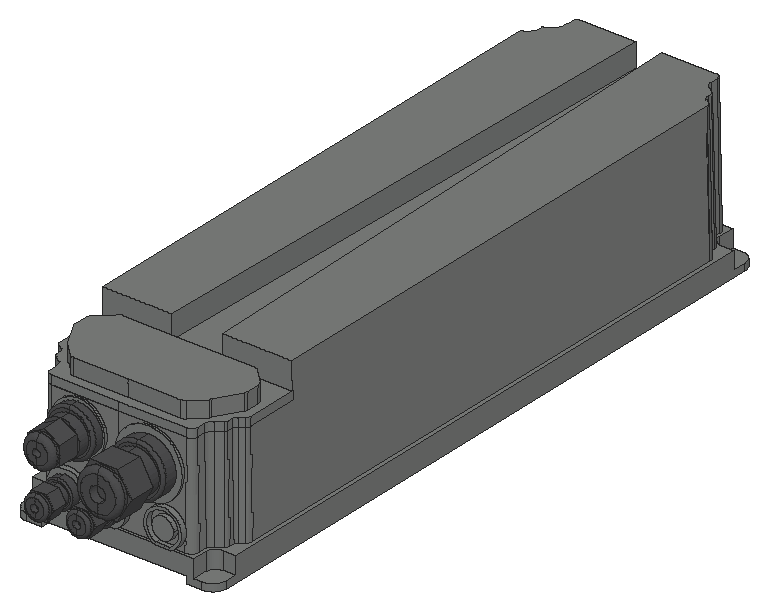
Revit family "Thorn ALTIS GEN5 Gearbox-Premium-class C5 with NTC", category Electrical Fixtures, host Face, Revit 2023
Family settings
  Host = Face
  Round Connector Dimension = Use Diameter
  Part Type = Normal
  Cut with Voids When Loaded = Yes
  Maintain Annotation Orientation = No
  Shared = Yes
  Room Calculation Point = Yes
Parameters (values of type "ALG5 GB 1368W 0.70A 565V 2CH DA")
  Wattage = 1368 W
  URL = "https://www.thornlighting.com/96671933"
  Type Image = TLG_ALT5_F_GB.jpg
  Type IFC Predefined Type = "DIRECTIONSOURCE"
  Power Factor = 1
  Model = "96671933"
  Material Housing = Thorn-Aluminium-RAL 7043-Traffic Grey B
  Manufacturer = "Thorn Lighting"  # constant formula
  Luminaire Width = 150 mm  # constant formula
  Luminaire Length = 500 mm  # constant formula
  Luminaire Height = 120 mm  # constant formula
  Lamp = "LED"  # constant formula
  Export Type to IFC As = "IfcLightFixtureType"
  Description = "LED control gear"  # constant formula
  Default Elevation = 0 mm  # constant formula
  Assembly Code = "Pr_60_70_48_54"
  Apparent Load = Wattage / Power Factor  # 1368 VA
Types (20, lengths in mm): name | Wattage | URL | Model | Apparent Load
  ALG5 GB 1368W 0.70A 565V 2CH DA | 1368 W | "https://www.thornlighting.com/96671933" | "96671933" | 1368 VA
  ALG5 GB 1368W 0.70A 565V 2CH RDMX | 1368 W | "https://www.thornlighting.com/96671943" | "96671943" | 1368 VA
  ALG5 GB 1368W 0.85A 565V 2CH DA | 1368 W | "https://www.thornlighting.com/96671932" | "96671932" | 1368 VA
  ALG5 GB 1368W 0.85A 565V 2CH RDMX | 1368 W | "https://www.thornlighting.com/96671942" | "96671942" | 1368 VA
  ALG5 GB 1368W 1.05A 565V 2CH DA | 1368 W | "https://www.thornlighting.com/96671931" | "96671931" | 1368 VA
  ALG5 GB 1368W 1.05A 565V 2CH RDMX | 1368 W | "https://www.thornlighting.com/96671941" | "96671941" | 1368 VA
  ALG5 GB 1368W 1.25A 565V 2CH DA | 1368 W | "https://www.thornlighting.com/96671930" | "96671930" | 1368 VA
  ALG5 GB 1368W 1.25A 565V 2CH RDMX | 1368 W | "https://www.thornlighting.com/96671940" | "96671940" | 1368 VA
  ALG5 GB 1368W 1.40A 565V 2CH DA | 1368 W | "https://www.thornlighting.com/96671929" | "96671929" | 1368 VA
  ALG5 GB 1368W 1.40A 565V 2CH RDMX | 1368 W | "https://www.thornlighting.com/96671939" | "96671939" | 1368 VA
  ALG5 GB 2052W 0.70A 565V 3CH DA | 2052 W | "https://www.thornlighting.com/96671928" | "96671928" | 2052 VA
  ALG5 GB 2052W 0.70A 565V 3CH RDMX | 2052 W | "https://www.thornlighting.com/96671938" | "96671938" | 2052 VA
  ALG5 GB 2052W 0.85A 565V 3CH DA | 2052 W | "https://www.thornlighting.com/96671927" | "96671927" | 2052 VA
  ALG5 GB 2052W 0.85A 565V 3CH RDMX | 2052 W | "https://www.thornlighting.com/96671937" | "96671937" | 2052 VA
  ALG5 GB 2052W 1.05A 565V 3CH DA | 2052 W | "https://www.thornlighting.com/96671926" | "96671926" | 2052 VA
  ALG5 GB 2052W 1.05A 565V 3CH RDMX | 2052 W | "https://www.thornlighting.com/96671936" | "96671936" | 2052 VA
  ALG5 GB 2052W 1.25A 565V 3CH DA | 2052 W | "https://www.thornlighting.com/96671925" | "96671925" | 2052 VA
  ALG5 GB 2052W 1.25A 565V 3CH RDMX | 2052 W | "https://www.thornlighting.com/96671935" | "96671935" | 2052 VA
  ALG5 GB 2052W 1.40A 565V 3CH DA | 2052 W | "https://www.thornlighting.com/96671924" | "96671924" | 2052 VA
  ALG5 GB 2052W 1.40A 565V 3CH RDMX | 2052 W | "https://www.thornlighting.com/96671934" | "96671934" | 2052 VA
Reference planes
  plane 1 "Center (Front/Back)": y = 0
  plane 2: z = 0
  plane 3 "Center (Left/Right)": x = 0
  plane 4: x = -75
  plane 5: x = 75
  plane 6: y = 250
  plane 7: y = -250
  plane 8: z = 120
  plane 9: x = -29
Forms (mm)
  Extrusion 1, solid, material "Thorn-Aluminium-RAL 7043-Traffic Grey B" <- "Material Housing"
    sketch origin (0, 0, 0) x (1, 0, 0) y (0, 1, 0)
      loop
        arc (-65, 250) -> (-72.071, 247.071) -> (-75, 240) r 10
        line (-75, 240) -> (-75, -240)
        arc (-75, -240) -> (-72.071, -247.071) -> (-65, -250) r 10
        line (-65, -250) -> (-53.5, -250) -> (-53.5, -225) -> (53.5, -225) -> (53.5, -250) -> (65, -250)
        arc (65, -250) -> (72.071, -247.071) -> (75, -240) r 10
        line (75, -240) -> (75, 240)
        arc (75, 240) -> (72.071, 247.071) -> (65, 250) r 10
        line (65, 250) -> (53.5, 250) -> (53.5, 225) -> (-53.5, 225) -> (-53.5, 250) -> (-65, 250)
    from 0 to 5
  Extrusion 2, solid, material "Thorn-Aluminium-RAL 7043-Traffic Grey B" <- "Material Housing"
    sketch origin (0, 0, 0) x (1, 0, 0) y (0, 1, 0)
      loop
        line (-58.5, 250) -> (-58.5, 237)
        arc (-58.5, 237) -> (-60.55, 232.05) -> (-65.5, 230) r 7
        line (-65.5, 230) -> (-75, 230) -> (-75, -231.5) -> (-65.5, -231.5)
        arc (-65.5, -231.5) -> (-60.55, -233.55) -> (-58.5, -238.5) r 7
        line (-58.5, -238.5) -> (-58.5, -250) -> (58.5, -250) -> (58.5, -238.5)
        arc (58.5, -238.5) -> (60.55, -233.55) -> (65.5, -231.5) r 7
        line (65.5, -231.5) -> (75, -231.5) -> (75, 230) -> (65.5, 230)
        arc (65.5, 230) -> (60.55, 232.05) -> (58.5, 237) r 7
        line (58.5, 237) -> (58.5, 250) -> (-58.5, 250)
    from 5 to 18
  Blend 3, solid, material "Thorn-Aluminium-RAL 7043-Traffic Grey B" <- "Material Housing"
    base sketch origin (0, 0, 0) x (1, 0, 0) y (0, 1, 0)
      loop
        line (0, -247) -> (50, -247)
        arc (50, -247) -> (54.243, -245.243) -> (56, -241) r 6
        line (56, -241) -> (56, -235.119)
        arc (56, -235.119) -> (56.565, -232.81) -> (58.132, -231.023) r 5
        line (58.132, -231.023) -> (63.721, -227.11)
        arc (63.721, -227.11) -> (64.661, -226.037) -> (65, -224.652) r 3
        line (65, -224.652) -> (65, -221.062)
        arc (65, -221.062) -> (65.339, -219.677) -> (66.279, -218.605) r 3
        line (66.279, -218.605) -> (69.868, -216.092)
        arc (69.868, -216.092) -> (71.435, -214.305) -> (72, -211.996) r 5
        line (72, -211.996) -> (72, 211.996)
        arc (72, 211.996) -> (71.435, 214.305) -> (69.868, 216.092) r 5
        line (69.868, 216.092) -> (66.279, 218.605)
        arc (66.279, 218.605) -> (65.339, 219.677) -> (65, 221.062) r 3
        line (65, 221.062) -> (65, 224.652)
        arc (65, 224.652) -> (64.661, 226.037) -> (63.721, 227.11) r 3
        line (63.721, 227.11) -> (58.132, 231.023)
        arc (58.132, 231.023) -> (56.565, 232.81) -> (56, 235.119) r 5
        line (56, 235.119) -> (56, 241)
        arc (56, 241) -> (54.243, 245.243) -> (50, 247) r 6
        line (50, 247) -> (0, 247) -> (-50, 247)
        arc (-50, 247) -> (-54.243, 245.243) -> (-56, 241) r 6
        line (-56, 241) -> (-56, 235.119)
        arc (-56, 235.119) -> (-56.565, 232.81) -> (-58.132, 231.023) r 5
        line (-58.132, 231.023) -> (-63.721, 227.11)
        arc (-63.721, 227.11) -> (-64.661, 226.037) -> (-65, 224.652) r 3
        line (-65, 224.652) -> (-65, 221.062)
        arc (-65, 221.062) -> (-65.339, 219.677) -> (-66.279, 218.605) r 3
        line (-66.279, 218.605) -> (-69.868, 216.092)
        arc (-69.868, 216.092) -> (-71.435, 214.305) -> (-72, 211.996) r 5
        line (-72, 211.996) -> (-72, -211.996)
        arc (-72, -211.996) -> (-71.435, -214.305) -> (-69.868, -216.092) r 5
        line (-69.868, -216.092) -> (-66.279, -218.605)
        arc (-66.279, -218.605) -> (-65.339, -219.677) -> (-65, -221.062) r 3
        line (-65, -221.062) -> (-65, -224.652)
        arc (-65, -224.652) -> (-64.661, -226.037) -> (-63.721, -227.11) r 3
        line (-63.721, -227.11) -> (-58.132, -231.023)
        arc (-58.132, -231.023) -> (-56.565, -232.81) -> (-56, -235.119) r 5
        line (-56, -235.119) -> (-56, -241)
        arc (-56, -241) -> (-54.243, -245.243) -> (-50, -247) r 6
        line (-50, -247) -> (0, -247)
    top sketch origin (0, 0, 0) x (1, 0, 0) y (0, 1, 0)
      loop
        line (-54, 241) -> (-54, 235.119)
        arc (-54, 235.119) -> (-54.791, 231.886) -> (-56.985, 229.385) r 7
        line (-56.985, 229.385) -> (-62.574, 225.471)
        arc (-62.574, 225.471) -> (-62.887, 225.114) -> (-63, 224.652) r 1
        line (-63, 224.652) -> (-63, 221.062)
        arc (-63, 221.062) -> (-63.565, 218.753) -> (-65.132, 216.966) r 5
        line (-65.132, 216.966) -> (-68.721, 214.454)
        arc (-68.721, 214.454) -> (-69.661, 213.381) -> (-70, 211.996) r 3
        line (-70, 211.996) -> (-70, -211.996)
        arc (-70, -211.996) -> (-69.661, -213.381) -> (-68.721, -214.454) r 3
        line (-68.721, -214.454) -> (-65.132, -216.966)
        arc (-65.132, -216.966) -> (-63.565, -218.753) -> (-63, -221.062) r 5
        line (-63, -221.062) -> (-63, -224.652)
        arc (-63, -224.652) -> (-62.887, -225.114) -> (-62.574, -225.471) r 1
        line (-62.574, -225.471) -> (-56.985, -229.385)
        arc (-56.985, -229.385) -> (-54.791, -231.886) -> (-54, -235.119) r 7
        line (-54, -235.119) -> (-54, -241)
        arc (-54, -241) -> (-52.828, -243.828) -> (-50, -245) r 4
        line (-50, -245) -> (0, -245) -> (50, -245)
        arc (50, -245) -> (52.828, -243.828) -> (54, -241) r 4
        line (54, -241) -> (54, -235.119)
        arc (54, -235.119) -> (54.791, -231.886) -> (56.985, -229.385) r 7
        line (56.985, -229.385) -> (62.574, -225.471)
        arc (62.574, -225.471) -> (62.887, -225.114) -> (63, -224.652) r 1
        line (63, -224.652) -> (63, -221.062)
        arc (63, -221.062) -> (63.565, -218.753) -> (65.132, -216.966) r 5
        line (65.132, -216.966) -> (68.721, -214.454)
        arc (68.721, -214.454) -> (69.661, -213.381) -> (70, -211.996) r 3
        line (70, -211.996) -> (70, 211.996)
        arc (70, 211.996) -> (69.661, 213.381) -> (68.721, 214.454) r 3
        line (68.721, 214.454) -> (65.132, 216.966)
        arc (65.132, 216.966) -> (63.565, 218.753) -> (63, 221.062) r 5
        line (63, 221.062) -> (63, 224.652)
        arc (63, 224.652) -> (62.887, 225.114) -> (62.574, 225.471) r 1
        line (62.574, 225.471) -> (56.985, 229.385)
        arc (56.985, 229.385) -> (54.791, 231.886) -> (54, 235.119) r 7
        line (54, 235.119) -> (54, 241)
        arc (54, 241) -> (52.828, 243.828) -> (50, 245) r 4
        line (50, 245) -> (0, 245) -> (-50, 245)
        arc (-50, 245) -> (-52.828, 243.828) -> (-54, 241) r 4
    from 18 to 120
  Extrusion 4, void
    sketch origin (0, 0, 0) x (1, 0, 0) y (0, 1, 0)
      loop
        line (-75, -173) -> (-75, -250) -> (75, -250) -> (75, -173) -> (-75, -173)
    from 94 to 125
  Extrusion 5, solid, material "Thorn-Aluminium-RAL 7043-Traffic Grey B" <- "Material Housing"
    sketch origin (0, 0, 0) x (1, 0, 0) y (0, 1, 0)
      loop
        arc (-70.51, -211.996) -> (-70.113, -213.617) -> (-69.013, -214.871) r 3.51
        line (-69.013, -214.871) -> (-65.425, -217.384)
        arc (-65.425, -217.384) -> (-64.017, -218.989) -> (-63.51, -221.062) r 4.49
        line (-63.51, -221.062) -> (-63.51, -224.652)
        arc (-63.51, -224.652) -> (-63.339, -225.349) -> (-62.866, -225.889) r 1.51
        line (-62.866, -225.889) -> (-57.277, -229.802)
        arc (-57.277, -229.802) -> (-55.243, -232.122) -> (-54.51, -235.119) r 6.49
        line (-54.51, -235.119) -> (-54.51, -241)
        arc (-54.51, -241) -> (-53.189, -244.189) -> (-50, -245.51) r 4.51
        line (-50, -245.51) -> (0, -245.51) -> (50, -245.51)
        arc (50, -245.51) -> (53.189, -244.189) -> (54.51, -241) r 4.51
        line (54.51, -241) -> (54.51, -235.119)
        arc (54.51, -235.119) -> (55.243, -232.122) -> (57.277, -229.802) r 6.49
        line (57.277, -229.802) -> (62.866, -225.889)
        arc (62.866, -225.889) -> (63.339, -225.349) -> (63.51, -224.652) r 1.51
        line (63.51, -224.652) -> (63.51, -221.062)
        arc (63.51, -221.062) -> (64.017, -218.989) -> (65.425, -217.384) r 4.49
        line (65.425, -217.384) -> (69.013, -214.871)
        arc (69.013, -214.871) -> (70.113, -213.617) -> (70.51, -211.996) r 3.51
        line (70.51, -211.996) -> (70.51, -173) -> (-70.51, -173) -> (-70.51, -211.996)
    from 94 to 100
  Extrusion 6, solid, material "Thorn-Aluminium-RAL 7043-Traffic Grey B" <- "Material Housing"
    sketch origin (0, 0, 0) x (1, 0, 0) y (0, 1, 0)
      loop
        line (0, -181.5) -> (-48.623, -181.5)
        arc (-48.623, -181.5) -> (-50.536, -181.881) -> (-52.158, -182.964) r 5
        line (-52.158, -182.964) -> (-62.536, -193.342)
        arc (-62.536, -193.342) -> (-63.619, -194.964) -> (-64, -196.877) r 5
        line (-64, -196.877) -> (-64, -206.252)
        arc (-64, -206.252) -> (-63.83, -207.547) -> (-63.33, -208.752) r 5
        line (-63.33, -208.752) -> (-53.272, -226.173)
        arc (-53.272, -226.173) -> (-52.909, -226.717) -> (-52.478, -227.208) r 5
        line (-52.478, -227.208) -> (-43.151, -236.536)
        arc (-43.151, -236.536) -> (-41.529, -237.619) -> (-39.615, -238) r 5
        line (-39.615, -238) -> (0, -238) -> (39.615, -238)
        arc (39.615, -238) -> (41.529, -237.619) -> (43.151, -236.536) r 5
        line (43.151, -236.536) -> (52.478, -227.208)
        arc (52.478, -227.208) -> (52.909, -226.717) -> (53.272, -226.173) r 5
        line (53.272, -226.173) -> (63.33, -208.752)
        arc (63.33, -208.752) -> (63.83, -207.547) -> (64, -206.252) r 5
        line (64, -206.252) -> (64, -196.877)
        arc (64, -196.877) -> (63.619, -194.964) -> (62.536, -193.342) r 5
        line (62.536, -193.342) -> (52.158, -182.964)
        arc (52.158, -182.964) -> (50.536, -181.881) -> (48.623, -181.5) r 5
        line (48.623, -181.5) -> (0, -181.5)
    from 100 to 112
  Extrusion 7, void
    sketch origin (0, 0, 0) x (1, 0, 0) y (0, 1, 0)
      loop
        line (0, -178) -> (18.916, -178) -> (9.612, 250) -> (0, 250) -> (-9.612, 250) -> (-18.916, -178) -> (0, -178)
    from 103 to 125
  Revolve 8, solid, material "Thorn-Plastic-RAL 9005-Jet Black"
    sketch origin (-29, -4572, 240.395) x (0, 0, 1) y (0, -1, 0)
      loop
        line (-149.379, -4324.561) -> (-149.379, -4318.561)
        arc (-149.379, -4318.561) -> (-149.965, -4317.147) -> (-151.379, -4316.561) r 2
        line (-151.379, -4316.561) -> (-153.379, -4316.561) -> (-153.379, -4308.561) -> (-167.379, -4308.561) -> (-167.379, -4313.561) -> (-167.379, -4324.561) -> (-149.379, -4324.561)
      loop
        line (-164.379, -4292.561) -> (-155.379, -4292.561) -> (-155.379, -4290.561)
        arc (-155.379, -4290.561) -> (-156.551, -4287.732) -> (-159.379, -4286.561) r 4
        line (-159.379, -4286.561) -> (-164.379, -4286.561) -> (-164.379, -4292.561)
      axis (-167.379, -4324.561) -> (-167.379, -4286.561)
    angle from 0 to 360
  Revolve 9, solid, material "Thorn-Plastic-RAL 9005-Jet Black"
    sketch origin (23.375, -4572, 231.645) x (0, 0, 1) y (0, -1, 0)
      loop
        line (-143.629, -4324.561) -> (-143.629, -4315.561)
        arc (-143.629, -4315.561) -> (-144.215, -4314.147) -> (-145.629, -4313.561) r 2
        line (-145.629, -4313.561) -> (-147.629, -4313.561) -> (-147.629, -4303.561) -> (-163.629, -4303.561) -> (-163.629, -4313.561) -> (-163.629, -4324.561) -> (-143.629, -4324.561)
      loop
        line (-147.629, -4283.561) -> (-146.629, -4283.561) -> (-146.629, -4281.561)
        arc (-146.629, -4281.561) -> (-147.801, -4278.732) -> (-150.629, -4277.561) r 4
        line (-150.629, -4277.561) -> (-157.629, -4277.561) -> (-157.629, -4283.561) -> (-147.629, -4283.561)
      axis (-163.629, -4324.561) -> (-163.629, -4277.561)
    angle from 0 to 360
  Extrusion 10, solid, material "Thorn-Aluminium-RAL 7043-Traffic Grey B" <- "Material Housing"
    sketch origin (-960.698, -250, 1219.2) x (-1, 0, 0) y (0, 0, -1)
      loop
        circle (-984.073, 1151.184) r 25
    from -7 to -2.561
  Extrusion 11, solid, material "Thorn-Aluminium-RAL 7043-Traffic Grey B" <- "Material Housing"
    sketch origin (-960.698, -250, 1219.2) x (-1, 0, 0) y (0, 0, -1)
      loop
        circle (-931.698, 1146.184) r 20
    from -7 to -2.561
  Extrusion 12, solid, material "Thorn-Plastic-RAL 9005-Jet Black"
    sketch origin (-960.698, -250, 1219.2) x (-1, 0, 0) y (0, 0, -1)
      loop
        line (-1004.073, 1151.184) -> (-994.073, 1133.864) -> (-974.073, 1133.864) -> (-964.073, 1151.184) -> (-974.073, 1168.505) -> (-994.073, 1168.505) -> (-1004.073, 1151.184)
    from 38.439 to 18.439
  Extrusion 13, solid, material "Thorn-Plastic-RAL 9005-Jet Black"
    sketch origin (-960.698, -250, 1219.2) x (-1, 0, 0) y (0, 0, -1)
      loop
        line (-943.698, 1139.256) -> (-931.698, 1132.328) -> (-919.698, 1139.256) -> (-919.698, 1153.112) -> (-931.698, 1160.041) -> (-943.698, 1153.112) -> (-943.698, 1139.256)
    from 29.439 to 13.439
  Revolve 14, solid, material "Thorn-Plastic-RAL 9005-Jet Black"
    sketch origin (-4.978, -4572, 198.208) x (0, 0, 1) y (0, -1, 0)
      loop
        line (-156.879, -4321.561) -> (-156.879, -4315.561)
        arc (-156.879, -4315.561) -> (-157.172, -4314.854) -> (-157.879, -4314.561) r 1
        line (-157.879, -4314.561) -> (-159.379, -4314.561) -> (-159.379, -4309.061) -> (-167.379, -4309.061) -> (-167.379, -4313.561) -> (-167.379, -4321.561) -> (-156.879, -4321.561)
      loop
        line (-164.379, -4297.561) -> (-158.504, -4297.561) -> (-158.504, -4295.561)
        arc (-158.504, -4295.561) -> (-159.09, -4294.147) -> (-160.504, -4293.561) r 2
        line (-160.504, -4293.561) -> (-164.379, -4293.561) -> (-164.379, -4297.561)
      axis (-167.379, -4321.561) -> (-167.379, -4293.561)
    angle from 0 to 360
  Revolve 15, solid, material "Thorn-Plastic-RAL 9005-Jet Black"
    sketch origin (-36.098, -4572, 198.208) x (0, 0, 1) y (0, -1, 0)
      loop
        line (-156.879, -4321.561) -> (-156.879, -4315.561)
        arc (-156.879, -4315.561) -> (-157.172, -4314.854) -> (-157.879, -4314.561) r 1
        line (-157.879, -4314.561) -> (-159.379, -4314.561) -> (-159.379, -4309.061) -> (-167.379, -4309.061) -> (-167.379, -4313.561) -> (-167.379, -4321.561) -> (-156.879, -4321.561)
      loop
        line (-164.379, -4297.561) -> (-158.504, -4297.561) -> (-158.504, -4295.561)
        arc (-158.504, -4295.561) -> (-159.09, -4294.147) -> (-160.504, -4293.561) r 2
        line (-160.504, -4293.561) -> (-164.379, -4293.561) -> (-164.379, -4297.561)
      axis (-167.379, -4321.561) -> (-167.379, -4293.561)
    angle from 0 to 360
  Extrusion 16, solid, material "Thorn-Plastic-RAL 9005-Jet Black"
    sketch origin (-960.698, -250, 1219.2) x (-1, 0, 0) y (0, 0, -1)
      loop
        line (-935.1, 1188.372) -> (-929.85, 1179.279) -> (-919.35, 1179.279) -> (-914.1, 1188.372) -> (-919.35, 1197.465) -> (-929.85, 1197.465) -> (-935.1, 1188.372)
      loop
        line (-966.22, 1188.372) -> (-960.97, 1179.279) -> (-950.47, 1179.279) -> (-945.22, 1188.372) -> (-950.47, 1197.465) -> (-960.97, 1197.465) -> (-966.22, 1188.372)
    from 12.939 to 24.439
  Extrusion 17, solid, material "Thorn-Aluminium-RAL 7043-Traffic Grey B" <- "Material Housing"
    sketch origin (-960.698, -250, 1219.2) x (-1, 0, 0) y (0, 0, -1)
      loop
        arc (-930.207, 1201.2) -> (-924.6, 1174.372) -> (-918.993, 1201.2) r 14
        line (-918.993, 1201.2) -> (-930.207, 1201.2)
      loop
        arc (-961.327, 1201.2) -> (-955.72, 1174.372) -> (-950.113, 1201.2) r 14
        line (-950.113, 1201.2) -> (-961.327, 1201.2)
      loop
        arc (-1002.577, 1201.2) -> (-996.97, 1174.372) -> (-991.363, 1201.2) r 14
        line (-991.363, 1201.2) -> (-1002.577, 1201.2)
      loop
        arc (-1002.142, 1199.2) -> (-996.97, 1176.372) -> (-991.798, 1199.2) r 12
        line (-991.798, 1199.2) -> (-1002.142, 1199.2)
    from -7 to 0.439
  Extrusion 18, solid, material "Thorn-Aluminium-RAL 7043-Traffic Grey B" <- "Material Housing"
    sketch origin (-960.698, -250, 1219.2) x (-1, 0, 0) y (0, 0, -1)
      loop
        circle (-996.97, 1188.372) r 8
    from 0.439 to -7
Cuts and joins
  joined: Extrusion 1, Extrusion 2
  Extrusion 4, Extrusion 7 cuts Blend 3
  joined: Blend 3, Extrusion 10, Extrusion 11, Extrusion 17, Extrusion 18
  joined: Extrusion 5, Extrusion 6
Dimensions and locks
  equal spacing: plane 4, plane 3 "Center (Left/Right)", plane 5
  "Luminaire Width": plane 4 to plane 5
  equal spacing: plane 7, plane 1 "Center (Front/Back)", plane 6
  "Luminaire Length": plane 7 to plane 6
  "Luminaire Height": plane 8 to level
  plane 3 "Center (Left/Right)" to plane 9 = 29 mm
  aligned and locked: plane 2 to host face
  aligned and locked: level to host face
  aligned and locked: Extrusion 1 sketch curve to plane 6
  aligned and locked: plane 4 to Extrusion 1 sketch curve
  aligned and locked: Extrusion 1 sketch curve to plane 7
  aligned and locked: plane 5 to Extrusion 1 sketch curve
  aligned and locked: plane 8 to Blend 3
Automatic sketch dimensions
  host sketch curve to host sketch curve = 2438.4 mm  (x2)
  plane 7 to Extrusion 1 sketch curve = 0 mm
  Extrusion 1 sketch curve to plane 6 = 0 mm
  plane 4 to Extrusion 1 sketch curve = 10 mm
  Extrusion 1 sketch curve to Extrusion 1 sketch curve = 10 mm
  Extrusion 1 sketch curve to Extrusion 1 sketch curve = 11.5 mm  (x2)
  plane 5 to Extrusion 1 sketch curve = 21.5 mm  (x2)
  plane 5 to Extrusion 1 sketch curve = 10 mm  (x2)
  Extrusion 1 sketch curve to Extrusion 1 sketch curve = 15 mm  (x2)
  Extrusion 2 sketch curve to plane 4 = 0 mm
  Extrusion 2 sketch curve to plane 6 = 0 mm
  plane 7 to Extrusion 2 sketch curve = 0 mm
  Extrusion 2 sketch curve to plane 5 = 0 mm
  Extrusion 2 sketch curve to Extrusion 2 sketch curve = 9.5 mm  (x2)
  Extrusion 2 sketch curve to Extrusion 2 sketch curve = 7 mm  (x4)
  plane 5 to Extrusion 2 sketch curve = 16.5 mm  (x2)
  Extrusion 2 sketch curve to plane 7 = 11.5 mm
  Extrusion 2 sketch curve to Extrusion 2 sketch curve = 11.5 mm
  Extrusion 2 sketch curve to plane 6 = 20 mm  (x2)
  Blend 3 sketch curve to plane 3 "Center (Left/Right)" = 0 mm  (x4)
  Blend 3 sketch curve to plane 7 = 9 mm  (x3)
  Blend 3 sketch curve to plane 9 = 21 mm  (x4)
  Blend 3 sketch curve to plane 6 = 3 mm
  Blend 3 sketch curve to Blend 3 sketch curve = 6 mm  (x4)
  Blend 3 sketch curve to Blend 3 sketch curve = 2.132 mm  (x8)
  Blend 3 sketch curve to Blend 3 sketch curve = 5 mm  (x8)
  Blend 3 sketch curve to Blend 3 sketch curve = 3.868 mm  (x4)
  Blend 3 sketch curve to Blend 3 sketch curve = 1.721 mm  (x10)
  Blend 3 sketch curve to Blend 3 sketch curve = 1.279 mm  (x8)
  Blend 3 sketch curve to Blend 3 sketch curve = 3 mm  (x4)
  Blend 3 sketch curve to Blend 3 sketch curve = 0.721 mm  (x4)
  Blend 3 sketch curve to Blend 3 sketch curve = 3.589 mm  (x4)
  plane 4 to Blend 3 sketch curve = 3 mm
  plane 5 to Blend 3 sketch curve = 25 mm  (x4)
  plane 5 to Blend 3 sketch curve = 3 mm
  Blend 3 sketch curve to Blend 3 sketch curve = 5.881 mm  (x4)
  Blend 3 sketch curve to Blend 3 sketch curve = 3.913 mm  (x8)
  Blend 3 sketch curve to Blend 3 sketch curve = 3.59 mm  (x8)
  Blend 3 sketch curve to Blend 3 sketch curve = 2.513 mm  (x8)
  Blend 3 sketch curve to Blend 3 sketch curve = 29.004 mm  (x4)
  Blend 3 sketch curve to plane 6 = 5 mm
  Blend 3 sketch curve to Blend 3 sketch curve = 4 mm  (x2)
  Blend 3 sketch curve to Blend 3 sketch curve = 2.985 mm  (x4)
  Blend 3 sketch curve to Blend 3 sketch curve = 4.015 mm
  Blend 3 sketch curve to Blend 3 sketch curve = 7 mm  (x3)
  Blend 3 sketch curve to Blend 3 sketch curve = 5.015 mm  (x4)
  Blend 3 sketch curve to Blend 3 sketch curve = 0.574 mm  (x4)
  Blend 3 sketch curve to Blend 3 sketch curve = 1 mm  (x3)
  Blend 3 sketch curve to Blend 3 sketch curve = 1.868 mm  (x4)
  Blend 3 sketch curve to plane 6 = 9 mm
  Blend 3 sketch curve to Blend 3 sketch curve = 0.426 mm
  Extrusion 4 sketch curve to plane 4 = 0 mm
  Extrusion 4 sketch curve to plane 5 = 0 mm
  plane 7 to Extrusion 4 sketch curve = 0 mm
  Extrusion 4 sketch curve to Extrusion 4 sketch curve = 77 mm
  Extrusion 5 sketch curve to plane 3 "Center (Left/Right)" = 0 mm
  Extrusion 5 sketch curve to plane 7 = 4.49 mm
  Extrusion 5 sketch curve to plane 9 = 21 mm
  Extrusion 5 sketch curve to Extrusion 5 sketch curve = 4.51 mm
  Extrusion 5 sketch curve to Extrusion 5 sketch curve = 2.768 mm  (x2)
  Extrusion 5 sketch curve to Extrusion 5 sketch curve = 3.723 mm  (x2)
  Extrusion 5 sketch curve to Extrusion 5 sketch curve = 4.723 mm  (x2)
  Extrusion 5 sketch curve to Extrusion 5 sketch curve = 0.866 mm  (x2)
  Extrusion 5 sketch curve to Extrusion 5 sketch curve = 0.644 mm  (x2)
  Extrusion 5 sketch curve to Extrusion 5 sketch curve = 1.915 mm  (x2)
  Extrusion 5 sketch curve to Extrusion 5 sketch curve = 1.575 mm  (x2)
  Extrusion 5 sketch curve to Extrusion 5 sketch curve = 2.575 mm  (x2)
  Extrusion 5 sketch curve to Extrusion 5 sketch curve = 2.013 mm  (x2)
  plane 4 to Extrusion 5 sketch curve = 4.49 mm
  Extrusion 5 sketch curve to plane 7 = 9 mm
  plane 5 to Extrusion 5 sketch curve = 25 mm
  plane 5 to Extrusion 5 sketch curve = 4.49 mm
  Extrusion 5 sketch curve to Extrusion 5 sketch curve = 5.881 mm  (x2)
  Extrusion 5 sketch curve to Extrusion 5 sketch curve = 3.913 mm  (x2)
  Extrusion 5 sketch curve to Extrusion 5 sketch curve = 3.59 mm  (x2)
  Extrusion 5 sketch curve to Extrusion 5 sketch curve = 2.513 mm  (x2)
  Extrusion 5 sketch curve to Extrusion 5 sketch curve = 38.996 mm
  Extrusion 6 sketch curve to plane 3 "Center (Left/Right)" = 0 mm  (x2)
  Extrusion 6 sketch curve to plane 9 = 10.615 mm
  Extrusion 6 sketch curve to Extrusion 6 sketch curve = 3.536 mm  (x9)
  Extrusion 6 sketch curve to plane 9 = 19.623 mm
  Extrusion 6 sketch curve to Extrusion 6 sketch curve = 9.327 mm  (x4)
  Extrusion 6 sketch curve to Extrusion 6 sketch curve = 0.795 mm  (x2)
  Extrusion 6 sketch curve to Extrusion 6 sketch curve = 10.377 mm  (x4)
  Extrusion 6 sketch curve to Extrusion 6 sketch curve = 0 mm  (x2)
  Extrusion 6 sketch curve to Extrusion 6 sketch curve = 4.33 mm  (x2)
  Extrusion 6 sketch curve to Extrusion 6 sketch curve = 1.464 mm  (x3)
  Extrusion 6 sketch curve to plane 7 = 17 mm
  plane 5 to Extrusion 6 sketch curve = 35.385 mm
  Extrusion 6 sketch curve to plane 7 = 13.464 mm
  plane 5 to Extrusion 6 sketch curve = 26.377 mm
  Extrusion 6 sketch curve to Extrusion 6 sketch curve = 1.036 mm  (x2)
  Extrusion 6 sketch curve to Extrusion 6 sketch curve = 17.421 mm  (x2)
  Extrusion 6 sketch curve to Extrusion 6 sketch curve = 9.375 mm  (x2)
  Extrusion 7 sketch curve to plane 6 = 0 mm
  Extrusion 7 sketch curve to plane 3 "Center (Left/Right)" = 0 mm  (x2)
  Extrusion 7 sketch curve to plane 3 "Center (Left/Right)" = 9.612 mm
  plane 9 to Extrusion 7 sketch curve = 10.084 mm
  Extrusion 7 sketch curve to Extrusion 7 sketch curve = 9.612 mm
  Extrusion 7 sketch curve to Extrusion 7 sketch curve = 18.916 mm
  Extrusion 7 sketch curve to plane 7 = 72 mm
  plane 7 to Revolve 8 sketch curve = 8.439 mm
  Revolve 8 sketch curve to plane 8 = 46.984 mm
  Revolve 8 sketch curve to Revolve 8 sketch curve = 3 mm
  Revolve 8 sketch curve to Revolve 8 sketch curve = 5 mm  (x2)
  Revolve 8 sketch curve to Revolve 8 sketch curve = 4 mm  (x2)
  Revolve 8 sketch curve to Revolve 8 sketch curve = 14 mm
  Revolve 8 sketch curve to Revolve 8 sketch curve = 2 mm  (x3)
  Revolve 8 sketch curve to plane 7 = 2.561 mm
  plane 7 to Revolve 8 sketch curve = 3.439 mm
  Revolve 8 sketch curve to Revolve 8 sketch curve = 16 mm
  Revolve 8 sketch curve to Revolve 8 sketch curve = 0 mm
  Revolve 8 sketch curve to Revolve 8 sketch curve = 68 mm
  Revolve 9 sketch curve to plane 7 = 8.439 mm  (x2)
  plane 8 to Revolve 9 sketch curve = 51.984 mm  (x2)
  Revolve 9 sketch curve to Revolve 9 sketch curve = 6 mm
  Revolve 9 sketch curve to Revolve 9 sketch curve = 7 mm
  Revolve 9 sketch curve to Revolve 9 sketch curve = 3 mm
  Revolve 9 sketch curve to Revolve 9 sketch curve = 16 mm
  Revolve 9 sketch curve to Revolve 9 sketch curve = 1 mm
  Revolve 9 sketch curve to Revolve 9 sketch curve = 2 mm  (x3)
  plane 7 to Revolve 9 sketch curve = 2.561 mm
  Revolve 9 sketch curve to Revolve 9 sketch curve = 10 mm
  Revolve 9 sketch curve to Revolve 9 sketch curve = 20 mm
  Revolve 9 sketch curve to Revolve 9 sketch curve = 4 mm
  Revolve 9 sketch curve to Revolve 9 sketch curve = 59 mm
  Extrusion 10 sketch curve to Extrusion 10 sketch curve = 0 mm  (x2)
  Extrusion 10 sketch curve to plane 3 "Center (Left/Right)" = 23.375 mm
  plane 8 to Extrusion 10 sketch curve = 51.984 mm
  Extrusion 10 sketch curve to Extrusion 10 sketch curve = 25 mm
  Extrusion 11 sketch curve to Extrusion 11 sketch curve = 0 mm  (x2)
  Extrusion 11 sketch curve to plane 9 = 0 mm
  plane 8 to Extrusion 11 sketch curve = 46.984 mm
  Extrusion 11 sketch curve to Extrusion 11 sketch curve = 20 mm
  Extrusion 12 sketch curve to plane 5 = 31.625 mm
  Extrusion 12 sketch curve to Extrusion 12 sketch curve = 10 mm  (x2)
  Extrusion 12 sketch curve to plane 3 "Center (Left/Right)" = 13.375 mm  (x2)
  Extrusion 12 sketch curve to plane 3 "Center (Left/Right)" = 3.375 mm
  Extrusion 12 sketch curve to level = 50.695 mm
  Extrusion 12 sketch curve to Extrusion 12 sketch curve = 17.321 mm  (x3)
  plane 7 to Revolve 14 sketch curve = 8.439 mm
  level to Revolve 14 sketch curve = 30.828 mm
  Revolve 14 sketch curve to Revolve 14 sketch curve = 3 mm
  Revolve 14 sketch curve to Revolve 14 sketch curve = 3.875 mm
  Revolve 14 sketch curve to Revolve 14 sketch curve = 8 mm
  Revolve 14 sketch curve to Revolve 14 sketch curve = 2 mm  (x2)
  Revolve 14 sketch curve to Revolve 14 sketch curve = 1.5 mm
  Revolve 14 sketch curve to Revolve 14 sketch curve = 1 mm
  plane 7 to Revolve 14 sketch curve = 7.439 mm
  plane 7 to Revolve 14 sketch curve = 0.439 mm
  Revolve 14 sketch curve to Revolve 14 sketch curve = 4.5 mm
  Revolve 14 sketch curve to Revolve 14 sketch curve = 11.5 mm
  Revolve 14 sketch curve to Revolve 14 sketch curve = 0 mm
  Revolve 14 sketch curve to plane 7 = 6.561 mm
  Revolve 14 sketch curve to Revolve 14 sketch curve = 75 mm
  plane 7 to Revolve 15 sketch curve = 8.439 mm
  level to Revolve 15 sketch curve = 30.828 mm
  Revolve 15 sketch curve to Revolve 15 sketch curve = 3 mm
  Revolve 15 sketch curve to Revolve 15 sketch curve = 3.875 mm
  Revolve 15 sketch curve to Revolve 15 sketch curve = 8 mm
  Revolve 15 sketch curve to Revolve 15 sketch curve = 2 mm  (x2)
  Revolve 15 sketch curve to Revolve 15 sketch curve = 1.5 mm
  Revolve 15 sketch curve to Revolve 15 sketch curve = 1 mm
  plane 7 to Revolve 15 sketch curve = 7.439 mm
  plane 7 to Revolve 15 sketch curve = 0.439 mm
  Revolve 15 sketch curve to Revolve 15 sketch curve = 4.5 mm
  Revolve 15 sketch curve to Revolve 15 sketch curve = 11.5 mm
  Revolve 15 sketch curve to Revolve 15 sketch curve = 0 mm
  Revolve 15 sketch curve to plane 7 = 6.561 mm
  Revolve 15 sketch curve to Revolve 15 sketch curve = 75 mm
  Extrusion 16 sketch curve to plane 3 "Center (Left/Right)" = 5.522 mm
  Extrusion 16 sketch curve to plane 3 "Center (Left/Right)" = 0.272 mm  (x2)
  Extrusion 16 sketch curve to plane 9 = 3.402 mm
  plane 9 to Extrusion 16 sketch curve = 1.848 mm  (x2)
  Extrusion 16 sketch curve to level = 21.735 mm  (x2)
  plane 3 "Center (Left/Right)" to Extrusion 16 sketch curve = 10.228 mm  (x2)
  Extrusion 16 sketch curve to Extrusion 16 sketch curve = 10.12 mm
  Extrusion 16 sketch curve to Extrusion 16 sketch curve = 0 mm
  Extrusion 16 sketch curve to Extrusion 16 sketch curve = 9.093 mm  (x5)
  Extrusion 16 sketch curve to Extrusion 16 sketch curve = 10.5 mm  (x2)
  Extrusion 16 sketch curve to Extrusion 16 sketch curve = 5.25 mm
  Extrusion 17 sketch curve to plane 3 "Center (Left/Right)" = 0.629 mm
  plane 3 "Center (Left/Right)" to Extrusion 17 sketch curve = 4.978 mm
  plane 9 to Extrusion 17 sketch curve = 1.491 mm
  plane 9 to Extrusion 17 sketch curve = 7.098 mm
  Extrusion 17 sketch curve to level = 18 mm  (x2)
  Extrusion 17 sketch curve to Extrusion 17 sketch curve = 12.828 mm  (x3)
  Extrusion 17 sketch curve to level = 30.828 mm
  Extrusion 17 sketch curve to Extrusion 17 sketch curve = 5.607 mm
  Extrusion 17 sketch curve to Extrusion 17 sketch curve = 0 mm  (x2)
  Extrusion 17 sketch curve to plane 5 = 33.556 mm
  Extrusion 17 sketch curve to Extrusion 17 sketch curve = 0.435 mm
  Extrusion 17 sketch curve to Extrusion 17 sketch curve = 2 mm
  Extrusion 18 sketch curve to plane 3 "Center (Left/Right)" = 36.272 mm
  Extrusion 18 sketch curve to level = 30.828 mm
  radius of Extrusion 18 sketch curve = 8 mm
Connectors
  electrical at (0, 0, 0), driven by "Apparent Load", driven by "Power Factor"
    settings: index 1, voltage 220 V, apparent load 1368 VA, apparent load phase1 0 VA, apparent load phase2 0 VA, apparent load phase3 0 VA, power factor 1, load classification "Lighting", number of poles 1, system type 30, power factor state 1, is connector primary yes, connector utility no, sub classification motor no, connector description ""
